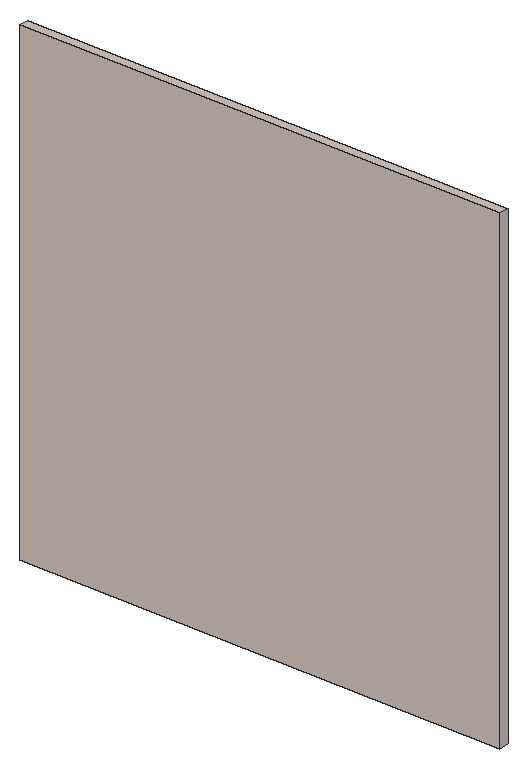
Revit family "BASE DECORADA DUBAI MULTICOLOR CU_603201791", category Modelos genéricos, Revit 2024
Family settings
  Puede alojar armadura = No
  Cota de conector redondo = Usar diámetro
  Tipo de pieza = Normal
  Se basa en plano de trabajo = No
  Siempre vertical = Sí
  Corte con vacíos al cargar = No
  Mantener orientación de anotación = No
  Compartido = No
  Punto de cálculo de habitación = No
Parameters
  Elevación por defecto = 0 mm
Reference planes
  plane 1 "Center (Front/Back)": y = 0
  plane 2: z = 0
  plane 3 "Center (Left/Right)": x = 0
Forms (mm)
  Extrusion 1, solid, material "Analytical Panels"
    sketch origin (0, 0, 0) x (1, 0, 0) y (0, 1, 0)
      loop
        line (-1366.384, -136.448) -> (-1366.384, -194.576) -> (1633.616, -194.576) -> (1633.616, -136.448) -> (-1366.384, -136.448)
    from 0 to 3000
Dimensions and locks
  Extrusion 1 sketch curve to Extrusion 1 sketch curve = 58.128 mm
  Extrusion 1 to Extrusion 1 = 3000 mm  (x2)
  aligned and locked: level to plane 2
